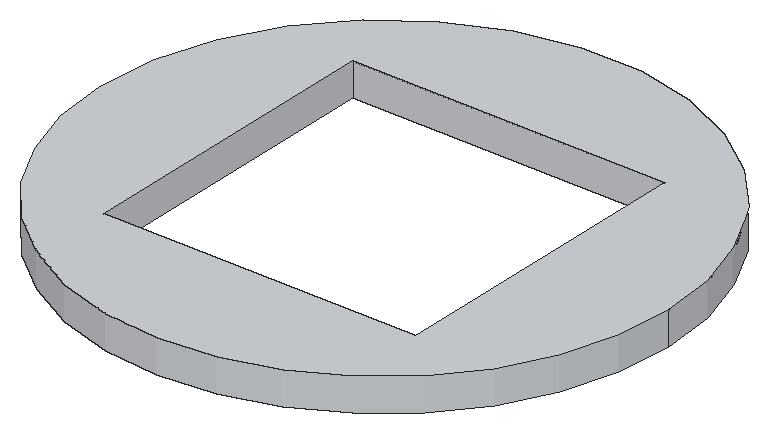
Revit family "Gira_0211135", category Electrical Fixtures, host Face, Revit 2017
Family settings
  Host = Face
  Maintain Annotation Orientation = No
  Round Connector Dimension = Use Diameter
  Part Type = Normal
  Cut with Voids When Loaded = No
  Shared = No
  Room Calculation Point = No
Parameters (values of type "Cov.fr. 1-g Gira Studio black gl.")
  URL = "http://katalog.gira.de/en/datenblatt.html?artikelnr=0211135"
  Transparent = "No"
  Name = "Cov.fr. 1-g Gira Studio black gl."
  Manufacturer URL = "https://www.gira.de/"
  Manufacturer = "Gira"
  Label space/information surface = "No"
  Keynote = ""
  HeinzeBIM = "https://bimportal.heinze.de/bim/cov-fr-1-g-gira-studio-black-gl-/62a9ac82378573f2f51095707173870dee46684a"
  HAN = "0211135"
  GTIN = "4010337045656"
  Description = "Cov.fr.1g Stud. GBk,Gira Studio cover frame,black glass,1-gang,Installation in standard device boxes, can be extended as required through installation in device boxes with spacer glands.,For surface-mounted installation: Gira Studio, housing, 1-gang, with cover frame, 1-gang, can be extended as required."
  Default Elevation = 1219.2 mm
  Data sheet (1) = "https://katalog.gira.de/en/download.html?artikelnr=0211135"
  Category = "Cover frame for domestic switching devices"
  BIM (2) = "https://media.stage.bim.site/public/gira/36a6b08/Studio_Rahmen_Tragplatte_1fach.rfa"
  BIM (1) = "https://media.stage.bim.site/public/gira/36a6b08/Studio_Rahmen_Abdeckplatte_1fach.rfa"
  Available = "No"
Reference planes
  plane 1 "Center (Front/Back)": y = 0
  plane 2: z = 0
  plane 3 "Center (Left/Right)": x = 0
Forms (mm)
  Extrusion 1, solid, detail levels fine
    sketch origin (0, 0, 0) x (1, 0, 0) y (0, 1, 0)
      loop
        circle (0, 0) r 51.5
      loop
        line (28.2, 28.2) -> (-28.2, 28.2) -> (-28.2, -28.2) -> (28.2, -28.2) -> (28.2, 28.2)
    from 0 to 6
  Extrusion 2, solid, detail levels medium
    sketch origin (0, 0, 0) x (1, 0, 0) y (0, 1, 0)
      loop
        circle (0, 0) r 51.5
    from 0 to 6
  Extrusion 3, solid, detail levels coarse
    sketch origin (0, 0, 0) x (1, 0, 0) y (0, 1, 0)
      loop
        line (51.5, 51.5) -> (-51.5, 51.5) -> (-51.5, -51.5) -> (51.5, -51.5) -> (51.5, 51.5)
    from 0 to 6
Dimensions and locks
  aligned and locked: plane 2 to host face
  aligned and locked: level to host face
